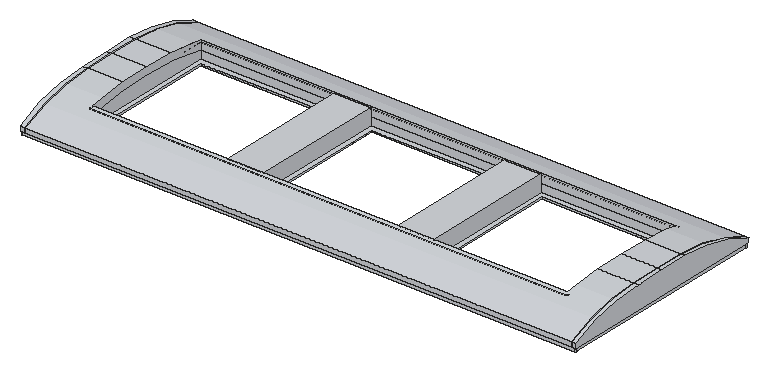
Revit family "Gira_021324", category Electrical Fixtures, host Face, Revit 2017
Family settings
  Host = Face
  Maintain Annotation Orientation = No
  Round Connector Dimension = Use Diameter
  Part Type = Normal
  Cut with Voids When Loaded = No
  Shared = No
  Room Calculation Point = No
Parameters (values of type "Abdeckrahmen 3f Zwischenr. AN Gira Event Opak Weiß")
  Werkstoffgüte = "Thermoplast"
  Werkstoff = "Kunststoff"
  URL = "http://katalog.gira.de/de_DE/datenblatt.html?artikelnr=021324"
  Transparent = "No"
  Textfeld/Beschriftungsfläche = "No"
  Schutzart (IP) = "IP21"
  Region = "DE"
  Oberfläche = "sonstige"
  Name = "Abdeckrahmen 3f Zwischenr. AN Gira Event Opak Weiß"
  Montagerichtung = "horizontal und vertikal"
  Mit Montagerahmen = "No"
  Mit Klappdeckel = "No"
  Manufacturer URL = "https://www.gira.de/"
  Keynote = "Event_Rahmen_3fach"
  HeinzeBIM = "https://bimportal.heinze.de/bim/abdeckrahmen-3f-zwischenr-an-gira-event-opak-weiss/7ab05d67635cae77456a9cd6bd46cb4e2ae89e3b"
  Halogenfrei = "Yes"
  HAN = "021324"
  Geeignet für Unterputz-Installation = "Yes"
  Geeignet für Unterflurkanaldose = "No"
  Geeignet für Geräteeinbaukanal = "No"
  Geeignet für Einbauinstallation = "No"
  GTIN = "4010337213246"
  Farbe = "weiß"
  Default Elevation = 1219.2 mm
  Data sheet (1) = "https://katalog.gira.de/de_DE/download.html?artikelnr=021324"
  Category = "Abdeckrahmen"
  Befestigungsart = "Klemmbefestigung"
  Available = "Yes"
  Anzahl der Einheiten vertikal = "3 "
  Anzahl der Einheiten horizontal = "3 "
  Anzahl der Einheiten = "3 "
Reference planes
  plane 1 "Center (Front/Back)": y = 0
  plane 2: z = 0
  plane 3 "Center (Left/Right)": x = 0
Forms (mm)
  Extrusion 1, solid, detail levels fine
    sketch origin (0, 0, 0.05) x (0, 1, 0) y (0, 0, 1)
      loop
        arc (12.445, 9.683) -> (6.223, 9.833) -> (0, 9.85) r 291.636
        arc (0, 9.85) -> (-6.223, 9.833) -> (-12.445, 9.683) r 291.636
        arc (-12.445, 9.683) -> (-29.14, 7.482) -> (-45, 1.823) r 79.728
        line (-45, 1.823) -> (-45, -0.05) -> (-42.086, -0.05)
        arc (-42.086, -0.05) -> (-21.385, 5.559) -> (0, 7.206) r 114.424
        arc (0, 7.206) -> (21.385, 5.559) -> (42.086, -0.05) r 114.424
        line (42.086, -0.05) -> (45, -0.05) -> (45, 1.823)
        arc (45, 1.823) -> (29.14, 7.482) -> (12.445, 9.683) r 79.728
    from -114.3 to 114.3
  Extrusion 2, void, detail levels fine
    sketch origin (0, 0, 0) x (1, 0, 0) y (0, 1, 0)
      loop
        line (-99.355, -28.053) -> (99.355, -28.053) -> (99.355, 28.053) -> (-99.355, 28.053) -> (-99.355, -28.053)
    from 0.724 to 11
  Extrusion 3, solid, detail levels coarse
    sketch origin (0, 0, 0) x (1, 0, 0) y (0, 1, 0)
      loop
        line (-116.3, 45) -> (-116.3, -45) -> (116.3, -45) -> (116.3, 45) -> (-116.3, 45)
    from -1.5 to 9.9
  Extrusion 4, solid, detail levels medium
    sketch origin (0, 0, 0.05) x (0, 1, 0) y (0, 0, 1)
      loop
        arc (12.445, 9.683) -> (6.223, 9.833) -> (0, 9.85) r 291.636
        arc (0, 9.85) -> (-6.223, 9.833) -> (-12.445, 9.683) r 291.636
        arc (-12.445, 9.683) -> (-29.14, 7.482) -> (-45, 1.823) r 79.728
        line (-45, 1.823) -> (-45, -0.05) -> (45, -0.05) -> (45, 1.823)
        arc (45, 1.823) -> (29.14, 7.482) -> (12.445, 9.683) r 79.728
    from -116.3 to 116.3
  Extrusion 5, solid, detail levels fine
    sketch origin (-71.3, 0, -1.5) x (0, 1, 0) y (0, 0, -1)
      loop
        line (45, -3.373) -> (45, -1.5) -> (-45, -1.5) -> (-45, -3.373)
        arc (-45, -3.373) -> (-29.14, -9.032) -> (-12.445, -11.233) r 79.728
        arc (-12.445, -11.233) -> (-6.223, -11.383) -> (0, -11.4) r 291.636
        arc (0, -11.4) -> (6.223, -11.383) -> (12.445, -11.233) r 291.636
        arc (12.445, -11.233) -> (29.14, -9.032) -> (45, -3.373) r 79.728
    from 43 to 45
  Extrusion 6, solid, detail levels fine
    sketch origin (0, 0, 0) x (1, 0, 0) y (0, 1, 0)
      loop
        line (-97.195, 25.7) -> (-97.195, -25.7) -> (-45.395, -25.7) -> (-45.395, 25.7) -> (-97.195, 25.7)
      loop
        line (25.9, -25.7) -> (25.9, 25.7) -> (-25.9, 25.7) -> (-25.9, -25.7) -> (25.9, -25.7)
      loop
        line (-100.19, 28.49) -> (-100.19, -28.495)
        spline (-100.19, -28.495) -> (-100.181, -28.625) -> (-100.156, -28.754) -> (-100.113, -28.878) -> (-100.056, -28.995) -> (-99.983, -29.104) -> (-99.897, -29.202) -> (-99.798, -29.288) -> (-99.69, -29.361) -> (-99.572, -29.419) -> (-99.448, -29.461) -> (-99.32, -29.486) -> (-99.19, -29.495)
        line (-99.19, -29.495) -> (99.195, -29.495)
        spline (99.195, -29.495) -> (99.325, -29.486) -> (99.454, -29.461) -> (99.578, -29.419) -> (99.695, -29.361) -> (99.804, -29.288) -> (99.902, -29.202) -> (99.988, -29.104) -> (100.061, -28.995) -> (100.119, -28.878) -> (100.161, -28.754) -> (100.186, -28.625) -> (100.195, -28.495)
        line (100.195, -28.495) -> (100.195, 28.49)
        spline (100.195, 28.49) -> (100.186, 28.62) -> (100.161, 28.748) -> (100.119, 28.872) -> (100.061, 28.99) -> (99.988, 29.098) -> (99.902, 29.197) -> (99.804, 29.283) -> (99.695, 29.356) -> (99.578, 29.413) -> (99.454, 29.456) -> (99.325, 29.481) -> (99.195, 29.49)
        line (99.195, 29.49) -> (-99.19, 29.49)
        spline (-99.19, 29.49) -> (-99.32, 29.481) -> (-99.448, 29.456) -> (-99.572, 29.413) -> (-99.69, 29.356) -> (-99.798, 29.283) -> (-99.897, 29.197) -> (-99.983, 29.098) -> (-100.056, 28.99) -> (-100.113, 28.872) -> (-100.156, 28.748) -> (-100.181, 28.62) -> (-100.19, 28.49)
      loop
        line (97.2, -25.7) -> (97.2, 25.7) -> (45.4, 25.7) -> (45.4, -25.7) -> (97.2, -25.7)
    from 0.1 to 7.3
  Extrusion 7, solid
    sketch origin (0, 0, 0) x (1, 0, 0) y (0, 1, 0)
      loop
        arc (-116, -44.2) -> (-115.854, -44.554) -> (-115.5, -44.7) r 0.5
        line (-115.5, -44.7) -> (115.5, -44.7)
        arc (115.5, -44.7) -> (115.854, -44.554) -> (116, -44.2) r 0.5
        line (116, -44.2) -> (116, 44.2)
        arc (116, 44.2) -> (115.854, 44.554) -> (115.5, 44.7) r 0.5
        line (115.5, 44.7) -> (-115.5, 44.7)
        arc (-115.5, 44.7) -> (-115.854, 44.554) -> (-116, 44.2) r 0.5
        line (-116, 44.2) -> (-116, -44.2)
      loop
        line (-114.3, 43) -> (-114.3, -43) -> (114.3, -43) -> (114.3, 43) -> (-114.3, 43)
    from -1.5 to 0.5
  Extrusion 8, solid, detail levels fine
    sketch origin (71.3, 0, -1.5) x (0, 1, 0) y (0, 0, 1)
      loop
        arc (45, 3.373) -> (29.14, 9.032) -> (12.445, 11.233) r 79.728
        arc (12.445, 11.233) -> (6.223, 11.383) -> (0, 11.4) r 291.636
        arc (0, 11.4) -> (-6.223, 11.383) -> (-12.445, 11.233) r 291.636
        arc (-12.445, 11.233) -> (-29.14, 9.032) -> (-45, 3.373) r 79.728
        line (-45, 3.373) -> (-45, 1.5) -> (45, 1.5) -> (45, 3.373)
    from 43 to 45
  Extrusion 9, solid, detail levels medium
    sketch origin (0, 0, 0) x (1, 0, 0) y (0, 1, 0)
      loop
        line (-116, -44.7) -> (116, -44.7) -> (116, 44.7) -> (-116, 44.7) -> (-116, -44.7)
    from -1.5 to 0.5
  Extrusion 10, solid, detail levels fine
    sketch origin (-34.207, 0, 0) x (1, 0, 0) y (0, 1, 0)
      loop
        line (-8.943, 28.063) -> (-8.943, -27.937) -> (6.057, -27.937) -> (6.057, 28.063) -> (-8.943, 28.063)
    from 0.724 to 7.566
  Extrusion 11, solid, detail levels fine
    sketch origin (34.207, 0, 0) x (-1, 0, 0) y (0, -1, 0)
      loop
        line (-8.943, -28.063) -> (6.057, -28.063) -> (6.057, 27.937) -> (-8.943, 27.937) -> (-8.943, -28.063)
    from 0.724 to 7.566
Cuts and joins
  Extrusion 2 cuts Extrusion 1
  Extrusion 2 cuts Extrusion 6
Dimensions and locks
  aligned and locked: plane 2 to host face
  aligned and locked: level to host face
